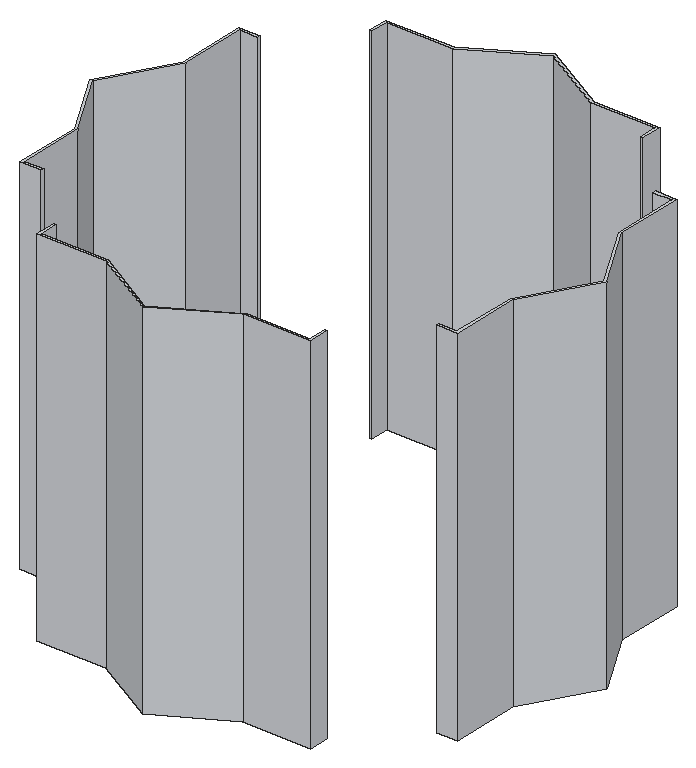
Revit family "outside_octagon", category Generic Models, Revit 2025
Family settings
  Can host rebar = No
  Round Connector Dimension = Use Diameter
  Part Type = Normal
  Work Plane-Based = No
  Always vertical = Yes
  Cut with Voids When Loaded = No
  Maintain Annotation Orientation = No
  Shared = No
  Room Calculation Point = No
Parameters
  Inner Angle = 120.075°
  Outer Angle = 150.037°
  Octagon Side Size = 0' - 7.85302"
  Nominal Diameter = 0' - 4 1/2"
  Length = 0' - 6"
  Inside Spacing = Diameter Inner / 2  # 0' - 2 1/4"
  Guage = 0' - 0.04436"
  Diameter Outer = Nominal Diameter * 1.8889  # 0' - 8.50005"
  Diameter Inner = Nominal Diameter  # 0' - 4 1/2"
  Default Elevation = 0' - 0"
Reference planes (in)
  plane 1 "Center (Front/Back)": y = 0
  plane 2: z = 0
  plane 3 "Center (Left/Right)": x = 0
  plane 4: y = 4.25002
  plane 5: y = -4.25003
  plane 6: x = -4.25002
  plane 7: x = 4.25003
  plane 8: x = -2.25
  plane 9: x = 2.25
  plane 10: y = 2.25
  plane 11: y = -2.25
  plane 12: through (0, 0, 48) normal (0.7071, 0.7071, 0)
  plane 13: y = 1.125
  plane 14: y = -1.125
  plane 15: x = -1.125
  plane 16: x = 1.125
  plane 17: y = -0.75
  plane 18: y = 0.75
  plane 19: x = -0.75
  plane 20: x = 0.75
  plane 21: through (0, 0, 48) normal (-0.7071, 0.7071, 0)
  plane 22: through (-0.09785, 4.29056, 48) normal (0.3827, 0.9239, 0)
  plane 23: through (-3.00522, -3.00522, 48) normal (0.3827, 0.9239, 0)
  plane 24: through (-3.00522, 3.00522, 48) normal (-0.3827, 0.9239, 0)
  plane 25: through (-19.89016, 11.4064, 48) normal (0.3827, 0.9239, 0)
  plane 26: through (-22.6601, -6.21849, 48) normal (-0.3827, 0.9239, 0)
  plane 27: y = -2.91668
  plane 28: y = -3.58335
  plane 29: x = -3.58335
  plane 30: x = -2.91667
  plane 31: x = 2.91668
  plane 32: x = 3.58335
  plane 33: y = 3.58335
  plane 34: y = 2.91667
  plane 35: through (2.50435, -10.29606, 48) normal (-0.3827, 0.9239, 0)
  plane 36: through (3.00522, -3.00522, 48) normal (-0.9239, 0.3827, 0)
  plane 37: through (-4.25002, 0, 48) normal (0.9239, 0.3827, 0)
  plane 38: through (3.0419, 2.91667, 48) normal (0.9239, 0.3827, 0)
  plane 39: x = -3.25001
  plane 40: x = 3.25001
  plane 41: y = 3.25001
  plane 42: y = -3.25001
  plane 43: y = 0
Forms (in)
  Extrusion 1, solid
    sketch origin (0, 0, 0) x (1, 0, 0) y (0, 1, 0)
      loop
        line (3.60149, -1.125) -> (4.25003, 0) -> (3.60149, 1.125) -> (3.60149, 2.25) -> (3.25001, 2.25) -> (3.25001, 2.20564) -> (3.55712, 2.20564) -> (3.55712, 1.11313) -> (4.19882, 0) -> (3.55712, -1.11313) -> (3.55712, -2.20564) -> (3.25001, -2.20564) -> (3.25001, -2.25) -> (3.60149, -2.25) -> (3.60149, -1.125)
      loop
        line (-3.60149, -1.125) -> (-3.60149, -2.25) -> (-3.25001, -2.25) -> (-3.25001, -2.20564) -> (-3.55712, -2.20564) -> (-3.55712, -1.11313) -> (-4.19882, 0) -> (-3.55712, 1.11313) -> (-3.55712, 2.20564) -> (-3.25001, 2.20564) -> (-3.25001, 2.25) -> (-3.60149, 2.25) -> (-3.60149, 1.125) -> (-4.25002, 0) -> (-3.60149, -1.125)
      loop
        line (0, 4.25002) -> (-1.125, 3.58335) -> (-2.25, 3.58335) -> (-2.25, 3.25001) -> (-2.20564, 3.25001) -> (-2.20564, 3.53899) -> (-1.11284, 3.53899) -> (0.00043, 4.19871) -> (1.15801, 3.53899) -> (2.20564, 3.53899) -> (2.20564, 3.25001) -> (2.25, 3.25001) -> (2.25, 3.58335) -> (1.16977, 3.58335) -> (0, 4.25002)
      loop
        line (0, -4.23189) -> (1.125, -3.58335) -> (2.25, -3.58335) -> (2.25, -3.25001) -> (2.20564, -3.25001) -> (2.20564, -3.53899) -> (1.15801, -3.53899) -> (0.00043, -4.19871) -> (-1.11284, -3.54959) -> (-2.20564, -3.54959) -> (-2.20564, -3.25001) -> (-2.25, -3.25001) -> (-2.25, -3.58335) -> (-1.125, -3.58335) -> (0, -4.23189)
    from 0 to 6 <- "Length"
Lines and regions (in)
  model lines
    curve 1: circle (0, 0, 0) r 4.25003 normal (0, 0, 1)
    curve 2: circle (0, 0, 0) r 2.25 normal (0, 0, 1)
    curve 3: line (0, 4.25002, 0) -> (-3.00522, 3.00522, 0)
    curve 4: line (-3.00522, 3.00522, 0) -> (-4.25002, 0, 0)
    curve 5: line (-4.25002, 0, 0) -> (-3.00522, -3.00522, 0)
    curve 6: line (-3.00522, -3.00522, 0) -> (0, -4.25003, 0)
    curve 7: line (0, -4.25003, 0) -> (3.00522, -3.00522, 0)
    curve 8: line (3.00522, -3.00522, 0) -> (4.25003, 0, 0)
    curve 9: line (4.25003, 0, 0) -> (3.00522, 3.00522, 0)
    curve 10: line (3.00522, 3.00522, 0) -> (0, 4.25002, 0)
Dimensions and locks (in)
  equal spacing: plane 6, plane 3 "Center (Left/Right)", plane 7
  equal spacing: plane 5, plane 1 "Center (Front/Back)", plane 4
  "Diameter Outer": plane 4 to plane 5
  "Diameter Outer": plane 6 to plane 7
  equal spacing: plane 11, plane 1 "Center (Front/Back)", plane 10
  "Diameter Inner": plane 10 to plane 11
  equal spacing: plane 8, plane 3 "Center (Left/Right)", plane 9
  "Diameter Inner": plane 8 to plane 9
  equal spacing: plane 14, plane 1 "Center (Front/Back)", plane 13
  "Inside Spacing": plane 14 to plane 13
  equal spacing: plane 15, plane 3 "Center (Left/Right)", plane 16
  "Inside Spacing": plane 15 to plane 16
  equal spacing: plane 11, plane 17, plane 18, plane 10
  equal spacing: plane 8, plane 19, plane 20, plane 9
  "Octagon Side Size": plane 22 to plane 23
  "Guage": Extrusion 1 sketch curve to Extrusion 1 sketch curve  (x17)
  equal spacing: plane 11, plane 27, plane 28, plane 5
  equal spacing: plane 6, plane 29, plane 30, plane 8
  equal spacing: plane 9, plane 31, plane 32, plane 7
  equal spacing: plane 4, plane 33, plane 34, plane 10
  Extrusion 1 sketch curve to Extrusion 1 sketch curve = 0' - 0.04436"
  equal spacing: plane 27, plane 42, plane 28
  equal spacing: plane 29, plane 39, plane 30
  equal spacing: plane 34, plane 41, plane 33
  equal spacing: plane 31, plane 40, plane 32
  "Diameter Outer": diameter of curve 1
  "Diameter Inner": diameter of curve 2
  "Outer Angle": angle Extrusion 1 sketch curve to Extrusion 1 sketch curve  (x6)
  angle plane 35 to plane 23 = 135.00°
  angle plane 36 to plane 35 = 135.00°
  "Inner Angle": angle Extrusion 1 sketch curve to Extrusion 1 sketch curve  (x2)
  angle Extrusion 1 sketch curve to Extrusion 1 sketch curve = 119.669°
  angle Extrusion 1 sketch curve to Extrusion 1 sketch curve = 149.349°
  angle Extrusion 1 sketch curve to Extrusion 1 sketch curve = 150.32°
  aligned and locked: plane 2 to level
  aligned and locked: plane 3 "Center (Left/Right)" to curve 1
  aligned and locked: plane 1 "Center (Front/Back)" to curve 1
  aligned and locked: plane 1 "Center (Front/Back)" to Extrusion 1 sketch curve  (x2)
  aligned and locked: Extrusion 1 sketch curve to plane 11
  aligned and locked: plane 10 to Extrusion 1 sketch curve
  aligned and locked: plane 11 to Extrusion 1 sketch curve
  aligned and locked: plane 14 to Extrusion 1 sketch curve
  aligned and locked: plane 13 to Extrusion 1 sketch curve
  aligned and locked: Extrusion 1 sketch curve to plane 10
  aligned and locked: Extrusion 1 sketch curve to plane 40
  aligned and locked: plane 40 to Extrusion 1 sketch curve
  aligned and locked: Extrusion 1 sketch curve to plane 39
  aligned and locked: plane 39 to Extrusion 1 sketch curve
  aligned and locked: Extrusion 1 sketch curve to plane 8
  aligned and locked: plane 33 to Extrusion 1 sketch curve
  aligned and locked: plane 3 "Center (Left/Right)" to Extrusion 1 sketch curve  (x2)
  aligned and locked: Extrusion 1 sketch curve to plane 33
  aligned and locked: plane 9 to Extrusion 1 sketch curve
  aligned and locked: Extrusion 1 sketch curve to plane 41  (x2)
  aligned and locked: plane 8 to Extrusion 1 sketch curve
  aligned and locked: plane 28 to Extrusion 1 sketch curve
  aligned and locked: Extrusion 1 sketch curve to plane 28
  aligned and locked: Extrusion 1 sketch curve to plane 9
  aligned and locked: Extrusion 1 sketch curve to plane 42  (x2)
Automatic sketch dimensions
  curve 1 to curve 2 = 0' - 0"  (x2)
  curve 3 to plane 12 = 0' - 0"
  curve 6 to plane 21 = 0' - 0"
  curve 3 to plane 3 "Center (Left/Right)" = 0' - 0"
  curve 6 to plane 3 "Center (Left/Right)" = 0' - 0"
  curve 8 to plane 12 = 0' - 0"
  curve 10 to plane 21 = 0' - 0"
  plane 1 "Center (Front/Back)" to curve 8 = 0' - 0"
  plane 1 "Center (Front/Back)" to curve 5 = 0' - 0"
  Extrusion 1 sketch curve to plane 6 = 0' - 0"
  Extrusion 1 sketch curve to plane 15 = 0' - 0"  (x2)
  Extrusion 1 sketch curve to plane 13 = 0' - 0"
  plane 14 to Extrusion 1 sketch curve = 0' - 0"
  Extrusion 1 sketch curve to plane 7 = 0' - 0"
  plane 8 to Extrusion 1 sketch curve = 0' - 0.04436"
  plane 15 to Extrusion 1 sketch curve = 0' - 0.01216"
  plane 3 "Center (Left/Right)" to Extrusion 1 sketch curve = 0' - 0.00043"
  Extrusion 1 sketch curve to plane 16 = 0' - 0.03301"
  plane 9 to Extrusion 1 sketch curve = 0' - 0.04436"
  Extrusion 1 sketch curve to Extrusion 1 sketch curve = 0' - 0.03317"
  plane 28 to Extrusion 1 sketch curve = 0' - 0.03376"
